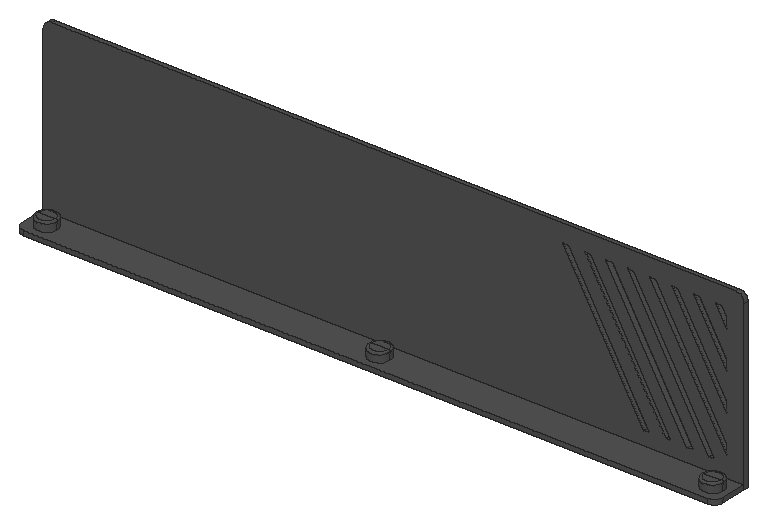
Revit family "CL60030-B_SQUARE METAL SHELF", category Specialty Equipment, host Face, Revit 2015
Parameters (values of type "SQUARE METAL SHELF BLACK")
  URL = "https://www.clark.com.au/"
  Model = "CL60030.B"
  Material_Base = GWA-Metal-Black
  Manufacturer = "GWA Bathrooms & Kitchens"  # constant formula
  Description = "SQUARE METAL SHELF BLACK"
  Default Elevation = 900 mm
  CreatedBy_ANZRS = "GWA Bathrooms & Kitchens"  # constant formula
  Assembly Code = "C1030200"
Types (3, lengths in mm): name | Model | Material_Base | Description
  (no name) | "CL60030.B" | GWA-Metal-Black | "SQUARE METAL SHELF BLACK"
  SQUARE METAL SHELF BLACK | "CL60030.B" | GWA-Metal-Black | "SQUARE METAL SHELF BLACK"
  SQUARE METAL SHELF WHITE | "CL60030.W" | GWA-Metal-White | "SQUARE METAL SHELF WHITE"
Reference planes
  plane 1 "Center (Front/Back)": y = 0
  plane 2: z = 0
  plane 3 "Center (Left/Right)": x = 0
Forms (mm)
  Extrusion 1, solid, material "GWA-Metal-Black" <- "Material_Base"
    sketch origin (0, 0, 0) x (1, 0, 0) y (0, 1, 0)
      loop
        line (-200, 10) -> (-200, -10) -> (200, -10) -> (200, 10) -> (-200, 10)
    from 0 to 2.5
  Revolve 2, solid, material "GWA-Metal-Black" <- "Material_Base"
    sketch origin (0, 0, 0) x (-1, 0, 0) y (0, 0, 1)
      loop
        line (0, 2.5) -> (0, 7.5) -> (-5, 7.5)
        arc (-5, 7.5) -> (-5.707, 7.207) -> (-6, 6.5) r 1
        line (-6, 6.5) -> (-6, 2.5) -> (0, 2.5)
      axis (0, 7.5) -> (0, 2.5)
    angle from 0 to 360
  Revolve 3, solid, material "GWA-Metal-Black" <- "Material_Base"
    sketch origin (190, 0, 0) x (-1, 0, 0) y (0, 0, 1)
      loop
        line (0, 2.5) -> (0, 7.5) -> (-5, 7.5)
        arc (-5, 7.5) -> (-5.707, 7.207) -> (-6, 6.5) r 1
        line (-6, 6.5) -> (-6, 2.5) -> (0, 2.5)
      axis (0, 7.5) -> (0, 2.5)
    angle from 0 to 360
  Revolve 4, solid, material "GWA-Metal-Black" <- "Material_Base"
    sketch origin (-190, 0, 0) x (1, 0, 0) y (0, 0, -1)
      loop
        line (0, -2.5) -> (-6, -2.5) -> (-6, -6.5)
        arc (-6, -6.5) -> (-5.707, -7.207) -> (-5, -7.5) r 1
        line (-5, -7.5) -> (0, -7.5) -> (0, -2.5)
      axis (0, -7.5) -> (0, -2.5)
    angle from 0 to 360
  Extrusion 5, void
    sketch origin (0, 0, 0) x (1, 0, 0) y (0, 1, 0)
      loop
        line (-205, -15) -> (-195, -15) -> (-195, -10)
        arc (-195, -10) -> (-198.536, -8.536) -> (-200, -5) r 5
        line (-200, -5) -> (-205, -5) -> (-205, -15)
    from -5 to 5
  Extrusion 6, void
    sketch origin (0, 0, 0) x (-1, 0, 0) y (0, -1, 0)
      loop
        line (-205, 15) -> (-205, 5) -> (-200, 5)
        arc (-200, 5) -> (-198.536, 8.536) -> (-195, 10) r 5
        line (-195, 10) -> (-195, 15) -> (-205, 15)
    from -5 to 5
  Extrusion 7, solid, material "GWA-Metal-Black" <- "Material_Base"
    sketch origin (0, 0, 0) x (1, 0, 0) y (0, 0, 1)
      loop
        line (200, 0) -> (200, 100) -> (-200, 100) -> (-200, 0) -> (200, 0)
    from -12.5 to -10
  Extrusion 8, void
    sketch origin (0, 0, 0) x (1, 0, 0) y (0, 0, 1)
      loop
        line (205, 105) -> (195, 105) -> (195, 100)
        arc (195, 100) -> (198.536, 98.536) -> (200, 95) r 5
        line (200, 95) -> (205, 95) -> (205, 105)
    from -15 to -8.034
  Extrusion 9, void
    sketch origin (0, 0, 0) x (-1, 0, 0) y (0, 0, -1)
      loop
        line (205, -105) -> (205, -95) -> (200, -95)
        arc (200, -95) -> (198.536, -98.536) -> (195, -100) r 5
        line (195, -100) -> (195, -105) -> (205, -105)
    from -15 to -8.034
  Extrusion 10, void
    sketch origin (0, 0, 0) x (1, 0, 0) y (0, 0, 1)
      loop
        line (145.964, 10) -> (99.776, 90) -> (96.312, 90) -> (142.5, 10) -> (145.964, 10)
      loop
        line (190, 20.128) -> (149.659, 90) -> (146.195, 90) -> (190, 14.128) -> (190, 20.128)
      loop
        line (154.971, 10) -> (158.435, 10) -> (112.247, 90) -> (108.783, 90) -> (154.971, 10)
      loop
        line (167.442, 10) -> (170.906, 10) -> (124.718, 90) -> (121.254, 90) -> (167.442, 10)
      loop
        line (179.912, 10) -> (183.376, 10) -> (137.188, 90) -> (133.724, 90) -> (179.912, 10)
      loop
        line (190, 35.728) -> (190, 41.728) -> (162.13, 90) -> (158.666, 90) -> (190, 35.728)
      loop
        line (190, 57.328) -> (190, 63.328) -> (174.601, 90) -> (171.137, 90) -> (190, 57.328)
      loop
        line (190, 78.928) -> (190, 84.928) -> (187.071, 90) -> (183.607, 90) -> (190, 78.928)
    from -15 to -8
Cuts and joins
  Extrusion 5, Extrusion 6 cuts Extrusion 1
  Extrusion 8, Extrusion 9, Extrusion 10 cuts Extrusion 7
Lines and regions (mm)
  Masking region 1
    outline origin (0, 0, 0) x (1, 0, 0) y (0, 1, 0)
      loop
        line (200, 12.5) -> (-200, 12.5) -> (-200, -5)
        arc (-200, -5) -> (-198.536, -8.536) -> (-195, -10) r 5
        line (-195, -10) -> (195, -10)
        arc (195, -10) -> (198.536, -8.536) -> (200, -5) r 5
        line (200, -5) -> (200, 12.5)
  Masking region 2
    outline origin (0, 0, 0) x (1, 0, 0) y (0, 0, 1)
      loop
        line (195, 100) -> (-195, 100)
        arc (-195, 100) -> (-198.536, 98.536) -> (-200, 95) r 5
        line (-200, 95) -> (-200, 0) -> (200, 0) -> (200, 95)
        arc (200, 95) -> (198.536, 98.536) -> (195, 100) r 5
  Masking region 3
    outline origin (0, 0, 0) x (0, 1, 0) y (0, 0, 1)
      loop
        line (12.5, 0) -> (12.5, 100) -> (10, 100) -> (10, 2.5) -> (6, 2.5) -> (6, 6.5)
        arc (6, 6.5) -> (5.707, 7.207) -> (5, 7.5) r 1
        line (5, 7.5) -> (-5, 7.5)
        arc (-5, 7.5) -> (-5.707, 7.207) -> (-6, 6.5) r 1
        line (-6, 6.5) -> (-6, 2.5) -> (-10, 2.5) -> (-10, 0) -> (12.5, 0)
  symbolic lines
    curve 1: circle (-190, 0, 0) r 6 normal (0, 0, 1)
    curve 2: circle (0, 0, 0) r 6 normal (0, 0, 1)
    curve 3: circle (190, 0, 0) r 6 normal (0, 0, 1)
    curve 4: line (200, 10, 0) -> (-200, 10, 0)
    curve 5: line (99.776, 0, 90) -> (96.312, 0, 90)
    curve 6: line (112.247, 0, 90) -> (108.783, 0, 90)
    curve 7: line (124.718, 0, 90) -> (121.254, 0, 90)
    curve 8: line (137.188, 0, 90) -> (133.724, 0, 90)
    curve 9: line (149.659, 0, 90) -> (146.195, 0, 90)
    curve 10: line (162.13, 0, 90) -> (158.666, 0, 90)
    curve 11: line (174.601, 0, 90) -> (171.137, 0, 90)
    curve 12: line (187.071, 0, 90) -> (183.607, 0, 90)
    curve 13: line (190, 0, 78.928) -> (190, 0, 84.928)
    curve 14: line (190, 0, 57.328) -> (190, 0, 63.328)
    curve 15: line (190, 0, 35.728) -> (190, 0, 41.728)
    curve 16: line (190, 0, 14.128) -> (190, 0, 20.128)
    curve 17: line (179.912, 0, 10) -> (183.376, 0, 10)
    curve 18: line (167.442, 0, 10) -> (170.906, 0, 10)
    curve 19: line (154.971, 0, 10) -> (158.435, 0, 10)
    curve 20: line (142.5, 0, 10) -> (145.964, 0, 10)
    curve 21: line (96.312, 0, 90) -> (142.5, 0, 10)
    curve 22: line (145.964, 0, 10) -> (99.776, 0, 90)
    curve 23: line (108.783, 0, 90) -> (154.971, 0, 10)
    curve 24: line (158.435, 0, 10) -> (112.247, 0, 90)
    curve 25: line (121.254, 0, 90) -> (167.442, 0, 10)
    curve 26: line (170.906, 0, 10) -> (124.718, 0, 90)
    curve 27: line (133.724, 0, 90) -> (179.912, 0, 10)
    curve 28: line (183.376, 0, 10) -> (137.188, 0, 90)
    curve 29: line (146.195, 0, 90) -> (190, 0, 14.128)
    curve 30: line (190, 0, 20.128) -> (149.659, 0, 90)
    curve 31: line (158.666, 0, 90) -> (190, 0, 35.728)
    curve 32: line (190, 0, 41.728) -> (162.13, 0, 90)
    curve 33: line (171.137, 0, 90) -> (190, 0, 57.328)
    curve 34: line (190, 0, 63.328) -> (174.601, 0, 90)
    curve 35: line (183.607, 0, 90) -> (190, 0, 78.928)
    curve 36: line (190, 0, 84.928) -> (187.071, 0, 90)
    curve 37: line (0, 6, 2.5) -> (0, -6, 2.5)
Dimensions and locks
  aligned and locked: plane 2 to host face
  aligned and locked: level to host face
